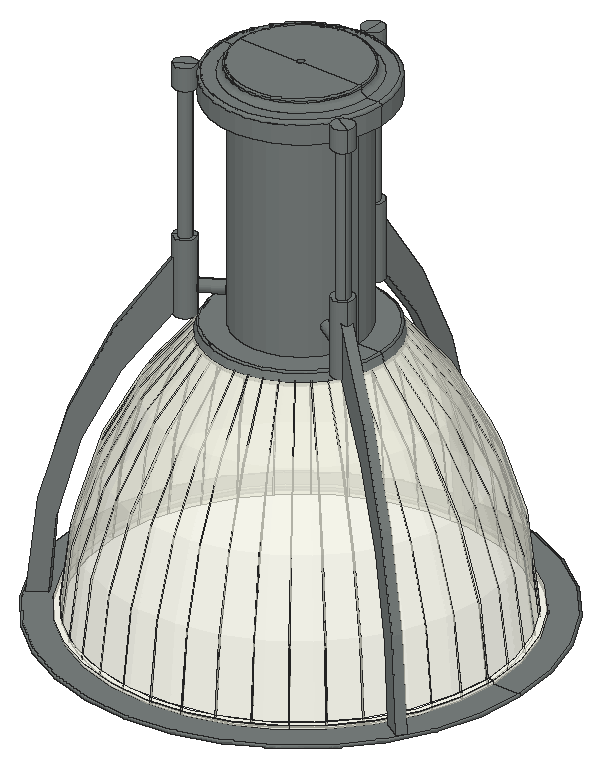
Revit family "CPA22", category Lighting Fixtures, Revit 2024
Family settings
  Round Connector Dimension = Use Diameter
  Part Type = Normal
  OmniClass Number = 23.80.70.00
  OmniClass Title = Lighting
  Work Plane-Based = No
  Always vertical = Yes
  Cut with Voids When Loaded = No
  Light Source = No
  Maintain Annotation Orientation = No
  Shared = No
  Room Calculation Point = No
Parameters
  Default Elevation = 0' - 0"
Reference planes (in)
  plane 1 "Light Source Axis (F/B)": y = 0
  plane 2: z = 0
  plane 3 "Light Source Axis (L/R)": x = 0
  plane 4 "Light Source Elevation": z = 54
Forms (in)
  Revolve 1, solid, material "74"
    sketch origin (0, 0, 0) x (1, 0, 0) y (0, 0, 1)
      loop
        line (0.18096, 82) -> (0.18096, 81.90625) -> (3.3602, 81.90625) -> (3.3602, 81.83553)
        arc (3.3602, 81.83553) -> (3.484, 81.53663) -> (3.78289, 81.41283) r 0.4227
        line (3.78289, 81.41283) -> (4.44079, 81.41283)
        arc (4.44079, 81.41283) -> (4.4908, 81.39211) -> (4.51151, 81.34211) r 0.07072
        line (4.51151, 81.34211) -> (4.51151, 80.44901) -> (3.19572, 80.44901) -> (3.19572, 68.70888) -> (4.51036, 68.70888) -> (4.6883, 68.16821) -> (4.78699, 68.16821) -> (4.60526, 68.72039)
        arc (4.60526, 68.72039) -> (4.58118, 68.77854) -> (4.52303, 68.80263) r 0.08224
        line (4.52303, 68.80263) -> (3.28947, 68.80263) -> (3.28947, 80.35526) -> (4.60526, 80.35526) -> (4.60526, 81.34211)
        arc (4.60526, 81.34211) -> (4.55709, 81.45841) -> (4.44079, 81.50658) r 0.16447
        line (4.44079, 81.50658) -> (3.78289, 81.50658)
        arc (3.78289, 81.50658) -> (3.55029, 81.60293) -> (3.45395, 81.83553) r 0.32895
        line (3.45395, 81.83553) -> (3.45395, 81.91776)
        arc (3.45395, 81.91776) -> (3.42986, 81.97591) -> (3.37171, 82) r 0.08224
        line (3.37171, 82) -> (0.18096, 82)
      loop
        arc (12.41776, 54) -> (12.5, 54.08224) -> (12.41776, 54.16447) r 0.08224
        line (12.41776, 54.16447) -> (11.01446, 54.16447) -> (11.01446, 54) -> (12.41776, 54)
      axis (0, 82) -> (0, 54)
    angle from 0 to 360
  Revolve 2, solid, material "GLASS SHADE"
    sketch origin (0, 0, 0.00093) x (1, 0, 0) y (0, 0, 1)
      loop
        line (4.73782, 68.3252) -> (4.60563, 68.3252)
        arc (4.60563, 68.3252) -> (9.0096, 61.75203) -> (10.59309, 54) r 20.47851
        line (10.59309, 54) -> (11.00138, 54) -> (11.00138, 54.32868) -> (10.6819, 54.32868)
        arc (10.6819, 54.32868) -> (9.05055, 61.89631) -> (4.73782, 68.3252) r 20.57226
      axis (0, 68.3252) -> (0, 54)
    angle from 0 to 360
  Sweep 3, solid, material "GLASS SHADE"
    path origin (-0.04687, 0, 0.00093) x (1, 0, 0) y (0, 0, 1)
      loop
        arc (-4.5864, 68.3252) -> (-8.91952, 61.72019) -> (-10.59309, 54) r 21.63816
    profile origin (-8.9664, 0, 61.72112) x (0.922209, 0, -0.386691) y (0, -1, 0)
      loop
        circle (0, 0) r 0.03125
  Sweep 4, solid, material "GLASS SHADE"
    path origin (-0.0463, 0.00733, 0.00093) x (0.987688, -0.156434, 0) y (0, 0, 1)
      loop
        arc (-4.5864, 68.3252) -> (-8.91952, 61.72019) -> (-10.59309, 54) r 21.63816
    profile origin (-8.85601, 1.40265, 61.72112) x (0.910855, -0.144265, -0.386691) y (-0.156434, -0.987688, 0)
      loop
        circle (0, 0) r 0.03125
  Sweep 5, solid, material "GLASS SHADE"
    path origin (-0.0463, -0.00733, 0.00093) x (0.987688, 0.156434, 0) y (0, 0, 1)
      loop
        arc (-4.5864, 68.3252) -> (-8.91952, 61.72019) -> (-10.59309, 54) r 21.63816
    profile origin (-8.85601, -1.40265, 61.72112) x (0.910855, 0.144265, -0.386691) y (0.156434, -0.987688, 0)
      loop
        circle (0, 0) r 0.03125
  Sweep 6, solid, material "GLASS SHADE"
    path origin (-0.04458, -0.01449, 0.00093) x (0.951057, 0.309017, 0) y (0, 0, 1)
      loop
        arc (-4.5864, 68.3252) -> (-8.91952, 61.72019) -> (-10.59309, 54) r 21.63816
    profile origin (-8.52755, -2.77077, 61.72112) x (0.877073, 0.284978, -0.386691) y (0.309017, -0.951057, 0)
      loop
        circle (0, 0) r 0.03125
  Sweep 7, solid, material "GLASS SHADE"
    path origin (-0.04177, -0.02128, 0.00093) x (0.891007, 0.45399, 0) y (0, 0, 1)
      loop
        arc (-4.5864, 68.3252) -> (-8.91952, 61.72019) -> (-10.59309, 54) r 21.63816
    profile origin (-7.98912, -4.07066, 61.72112) x (0.821695, 0.418674, -0.386691) y (0.45399, -0.891007, 0)
      loop
        circle (0, 0) r 0.03125
  Sweep 8, solid, material "GLASS SHADE"
    path origin (-0.03792, -0.02755, 0.00093) x (0.809017, 0.587785, 0) y (0, 0, 1)
      loop
        arc (-4.5864, 68.3252) -> (-8.91952, 61.72019) -> (-10.59309, 54) r 21.63816
    profile origin (-7.25397, -5.27032, 61.72112) x (0.746083, 0.542061, -0.386691) y (0.587785, -0.809017, 0)
      loop
        circle (0, 0) r 0.03125
  Sweep 9, solid, material "GLASS SHADE"
    path origin (-0.03315, -0.03315, 0.00093) x (0.707107, 0.707107, 0) y (0, 0, 1)
      loop
        arc (-4.5864, 68.3252) -> (-8.91952, 61.72019) -> (-10.59309, 54) r 21.63816
    profile origin (-6.3402, -6.3402, 61.72112) x (0.6521, 0.6521, -0.386691) y (0.707107, -0.707107, 0)
      loop
        circle (0, 0) r 0.03125
  Sweep 10, solid, material "GLASS SHADE"
    path origin (-0.02755, -0.03792, 0.00093) x (0.587785, 0.809017, 0) y (0, 0, 1)
      loop
        arc (-4.5864, 68.3252) -> (-8.91952, 61.72019) -> (-10.59309, 54) r 21.63816
    profile origin (-5.27032, -7.25397, 61.72112) x (0.542061, 0.746083, -0.386691) y (0.809017, -0.587785, 0)
      loop
        circle (0, 0) r 0.03125
  Sweep 11, solid, material "GLASS SHADE"
    path origin (-0.02128, -0.04177, 0.00093) x (0.45399, 0.891007, 0) y (0, 0, 1)
      loop
        arc (-4.5864, 68.3252) -> (-8.91952, 61.72019) -> (-10.59309, 54) r 21.63816
    profile origin (-4.07066, -7.98912, 61.72112) x (0.418674, 0.821695, -0.386691) y (0.891007, -0.45399, 0)
      loop
        circle (0, 0) r 0.03125
  Sweep 12, solid, material "GLASS SHADE"
    path origin (-0.01449, -0.04458, 0.00093) x (0.309017, 0.951057, 0) y (0, 0, 1)
      loop
        arc (-4.5864, 68.3252) -> (-8.91952, 61.72019) -> (-10.59309, 54) r 21.63816
    profile origin (-2.77077, -8.52755, 61.72112) x (0.284978, 0.877073, -0.386691) y (0.951057, -0.309017, 0)
      loop
        circle (0, 0) r 0.03125
  Sweep 13, solid, material "GLASS SHADE"
    path origin (-0.00733, -0.0463, 0.00093) x (0.156434, 0.987688, 0) y (0, 0, 1)
      loop
        arc (-4.5864, 68.3252) -> (-8.91952, 61.72019) -> (-10.59309, 54) r 21.63816
    profile origin (-1.40265, -8.85601, 61.72112) x (0.144265, 0.910855, -0.386691) y (0.987688, -0.156434, 0)
      loop
        circle (0, 0) r 0.03125
  Sweep 14, solid, material "GLASS SHADE"
    path origin (0, -0.04688, 0.00093) x (0, 1, 0) y (0, 0, 1)
      loop
        arc (-4.5864, 68.3252) -> (-8.91952, 61.72019) -> (-10.59309, 54) r 21.63816
    profile origin (0, -8.9664, 61.72112) x (0, 0.922209, -0.386691) y (1, 0, 0)
      loop
        circle (0, 0) r 0.03125
  Sweep 15, solid, material "GLASS SHADE"
    path origin (0.00733, -0.0463, 0.00093) x (-0.156434, 0.987688, 0) y (0, 0, 1)
      loop
        arc (-4.5864, 68.3252) -> (-8.91952, 61.72019) -> (-10.59309, 54) r 21.63816
    profile origin (1.40265, -8.85601, 61.72112) x (-0.144265, 0.910855, -0.386691) y (0.987688, 0.156434, 0)
      loop
        circle (0, 0) r 0.03125
  Sweep 16, solid, material "GLASS SHADE"
    path origin (0.01449, -0.04458, 0.00093) x (-0.309017, 0.951057, 0) y (0, 0, 1)
      loop
        arc (-4.5864, 68.3252) -> (-8.91952, 61.72019) -> (-10.59309, 54) r 21.63816
    profile origin (2.77077, -8.52755, 61.72112) x (-0.284978, 0.877073, -0.386691) y (0.951057, 0.309017, 0)
      loop
        circle (0, 0) r 0.03125
  Sweep 17, solid, material "GLASS SHADE"
    path origin (0.02128, -0.04177, 0.00093) x (-0.45399, 0.891007, 0) y (0, 0, 1)
      loop
        arc (-4.5864, 68.3252) -> (-8.91952, 61.72019) -> (-10.59309, 54) r 21.63816
    profile origin (4.07066, -7.98912, 61.72112) x (-0.418674, 0.821695, -0.386691) y (0.891007, 0.45399, 0)
      loop
        circle (0, 0) r 0.03125
  Sweep 18, solid, material "GLASS SHADE"
    path origin (0.02755, -0.03792, 0.00093) x (-0.587785, 0.809017, 0) y (0, 0, 1)
      loop
        arc (-4.5864, 68.3252) -> (-8.91952, 61.72019) -> (-10.59309, 54) r 21.63816
    profile origin (5.27032, -7.25397, 61.72112) x (-0.542061, 0.746083, -0.386691) y (0.809017, 0.587785, 0)
      loop
        circle (0, 0) r 0.03125
  Sweep 19, solid, material "GLASS SHADE"
    path origin (0.03315, -0.03315, 0.00093) x (-0.707107, 0.707107, 0) y (0, 0, 1)
      loop
        arc (-4.5864, 68.3252) -> (-8.91952, 61.72019) -> (-10.59309, 54) r 21.63816
    profile origin (6.3402, -6.3402, 61.72112) x (-0.6521, 0.6521, -0.386691) y (0.707107, 0.707107, 0)
      loop
        circle (0, 0) r 0.03125
  Sweep 20, solid, material "GLASS SHADE"
    path origin (0.03792, -0.02755, 0.00093) x (-0.809017, 0.587785, 0) y (0, 0, 1)
      loop
        arc (-4.5864, 68.3252) -> (-8.91952, 61.72019) -> (-10.59309, 54) r 21.63816
    profile origin (7.25397, -5.27032, 61.72112) x (-0.746083, 0.542061, -0.386691) y (0.587785, 0.809017, 0)
      loop
        circle (0, 0) r 0.03125
  Sweep 21, solid, material "GLASS SHADE"
    path origin (0.04177, -0.02128, 0.00093) x (-0.891007, 0.45399, 0) y (0, 0, 1)
      loop
        arc (-4.5864, 68.3252) -> (-8.91952, 61.72019) -> (-10.59309, 54) r 21.63816
    profile origin (7.98912, -4.07066, 61.72112) x (-0.821695, 0.418674, -0.386691) y (0.45399, 0.891007, 0)
      loop
        circle (0, 0) r 0.03125
  Sweep 22, solid, material "GLASS SHADE"
    path origin (0.04458, -0.01449, 0.00093) x (-0.951057, 0.309017, 0) y (0, 0, 1)
      loop
        arc (-4.5864, 68.3252) -> (-8.91952, 61.72019) -> (-10.59309, 54) r 21.63816
    profile origin (8.52755, -2.77077, 61.72112) x (-0.877073, 0.284978, -0.386691) y (0.309017, 0.951057, 0)
      loop
        circle (0, 0) r 0.03125
  Sweep 23, solid, material "GLASS SHADE"
    path origin (0.0463, -0.00733, 0.00093) x (-0.987688, 0.156434, 0) y (0, 0, 1)
      loop
        arc (-4.5864, 68.3252) -> (-8.91952, 61.72019) -> (-10.59309, 54) r 21.63816
    profile origin (8.85601, -1.40265, 61.72112) x (-0.910855, 0.144265, -0.386691) y (0.156434, 0.987688, 0)
      loop
        circle (0, 0) r 0.03125
  Sweep 24, solid, material "GLASS SHADE"
    path origin (0.04688, 0, 0.00093) x (-1, 0, 0) y (0, 0, 1)
      loop
        arc (-4.5864, 68.3252) -> (-8.91952, 61.72019) -> (-10.59309, 54) r 21.63816
    profile origin (8.9664, 0, 61.72112) x (-0.922209, 0, -0.386691) y (0, 1, 0)
      loop
        circle (0, 0) r 0.03125
  Sweep 25, solid, material "GLASS SHADE"
    path origin (0.0463, 0.00733, 0.00093) x (-0.987688, -0.156434, 0) y (0, 0, 1)
      loop
        arc (-4.5864, 68.3252) -> (-8.91952, 61.72019) -> (-10.59309, 54) r 21.63816
    profile origin (8.85601, 1.40265, 61.72112) x (-0.910855, -0.144265, -0.386691) y (-0.156434, 0.987688, 0)
      loop
        circle (0, 0) r 0.03125
  Sweep 26, solid, material "GLASS SHADE"
    path origin (0.04458, 0.01449, 0.00093) x (-0.951057, -0.309017, 0) y (0, 0, 1)
      loop
        arc (-4.5864, 68.3252) -> (-8.91952, 61.72019) -> (-10.59309, 54) r 21.63816
    profile origin (8.52755, 2.77077, 61.72112) x (-0.877073, -0.284978, -0.386691) y (-0.309017, 0.951057, 0)
      loop
        circle (0, 0) r 0.03125
  Sweep 27, solid, material "GLASS SHADE"
    path origin (0.04177, 0.02128, 0.00093) x (-0.891007, -0.45399, 0) y (0, 0, 1)
      loop
        arc (-4.5864, 68.3252) -> (-8.91952, 61.72019) -> (-10.59309, 54) r 21.63816
    profile origin (7.98912, 4.07066, 61.72112) x (-0.821695, -0.418674, -0.386691) y (-0.45399, 0.891007, 0)
      loop
        circle (0, 0) r 0.03125
  Sweep 28, solid, material "GLASS SHADE"
    path origin (0.03792, 0.02755, 0.00093) x (-0.809017, -0.587785, 0) y (0, 0, 1)
      loop
        arc (-4.5864, 68.3252) -> (-8.91952, 61.72019) -> (-10.59309, 54) r 21.63816
    profile origin (7.25397, 5.27032, 61.72112) x (-0.746083, -0.542061, -0.386691) y (-0.587785, 0.809017, 0)
      loop
        circle (0, 0) r 0.03125
  Sweep 29, solid, material "GLASS SHADE"
    path origin (0.03315, 0.03315, 0.00093) x (-0.707107, -0.707107, 0) y (0, 0, 1)
      loop
        arc (-4.5864, 68.3252) -> (-8.91952, 61.72019) -> (-10.59309, 54) r 21.63816
    profile origin (6.3402, 6.3402, 61.72112) x (-0.6521, -0.6521, -0.386691) y (-0.707107, 0.707107, 0)
      loop
        circle (0, 0) r 0.03125
  Sweep 30, solid, material "GLASS SHADE"
    path origin (0.02755, 0.03792, 0.00093) x (-0.587785, -0.809017, 0) y (0, 0, 1)
      loop
        arc (-4.5864, 68.3252) -> (-8.91952, 61.72019) -> (-10.59309, 54) r 21.63816
    profile origin (5.27032, 7.25397, 61.72112) x (-0.542061, -0.746083, -0.386691) y (-0.809017, 0.587785, 0)
      loop
        circle (0, 0) r 0.03125
  Sweep 31, solid, material "GLASS SHADE"
    path origin (0.02128, 0.04177, 0.00093) x (-0.45399, -0.891007, 0) y (0, 0, 1)
      loop
        arc (-4.5864, 68.3252) -> (-8.91952, 61.72019) -> (-10.59309, 54) r 21.63816
    profile origin (4.07066, 7.98912, 61.72112) x (-0.418674, -0.821695, -0.386691) y (-0.891007, 0.45399, 0)
      loop
        circle (0, 0) r 0.03125
  Sweep 32, solid, material "GLASS SHADE"
    path origin (0.01449, 0.04458, 0.00093) x (-0.309017, -0.951057, 0) y (0, 0, 1)
      loop
        arc (-4.5864, 68.3252) -> (-8.91952, 61.72019) -> (-10.59309, 54) r 21.63816
    profile origin (2.77077, 8.52755, 61.72112) x (-0.284978, -0.877073, -0.386691) y (-0.951057, 0.309017, 0)
      loop
        circle (0, 0) r 0.03125
  Sweep 33, solid, material "GLASS SHADE"
    path origin (0.00733, 0.0463, 0.00093) x (-0.156434, -0.987688, 0) y (0, 0, 1)
      loop
        arc (-4.5864, 68.3252) -> (-8.91952, 61.72019) -> (-10.59309, 54) r 21.63816
    profile origin (1.40265, 8.85601, 61.72112) x (-0.144265, -0.910855, -0.386691) y (-0.987688, 0.156434, 0)
      loop
        circle (0, 0) r 0.03125
  Sweep 34, solid, material "GLASS SHADE"
    path origin (0, 0.04688, 0.00093) x (0, -1, 0) y (0, 0, 1)
      loop
        arc (-4.5864, 68.3252) -> (-8.91952, 61.72019) -> (-10.59309, 54) r 21.63816
    profile origin (0, 8.9664, 61.72112) x (0, -0.922209, -0.386691) y (-1, 0, 0)
      loop
        circle (0, 0) r 0.03125
  Sweep 35, solid, material "GLASS SHADE"
    path origin (-0.00733, 0.0463, 0.00093) x (0.156434, -0.987688, 0) y (0, 0, 1)
      loop
        arc (-4.5864, 68.3252) -> (-8.91952, 61.72019) -> (-10.59309, 54) r 21.63816
    profile origin (-1.40265, 8.85601, 61.72112) x (0.144265, -0.910855, -0.386691) y (-0.987688, -0.156434, 0)
      loop
        circle (0, 0) r 0.03125
  Sweep 36, solid, material "GLASS SHADE"
    path origin (-0.01449, 0.04458, 0.00093) x (0.309017, -0.951057, 0) y (0, 0, 1)
      loop
        arc (-4.5864, 68.3252) -> (-8.91952, 61.72019) -> (-10.59309, 54) r 21.63816
    profile origin (-2.77077, 8.52755, 61.72112) x (0.284978, -0.877073, -0.386691) y (-0.951057, -0.309017, 0)
      loop
        circle (0, 0) r 0.03125
  Sweep 37, solid, material "GLASS SHADE"
    path origin (-0.02128, 0.04177, 0.00093) x (0.45399, -0.891007, 0) y (0, 0, 1)
      loop
        arc (-4.5864, 68.3252) -> (-8.91952, 61.72019) -> (-10.59309, 54) r 21.63816
    profile origin (-4.07066, 7.98912, 61.72112) x (0.418674, -0.821695, -0.386691) y (-0.891007, -0.45399, 0)
      loop
        circle (0, 0) r 0.03125
  Sweep 38, solid, material "GLASS SHADE"
    path origin (-0.02755, 0.03792, 0.00093) x (0.587785, -0.809017, 0) y (0, 0, 1)
      loop
        arc (-4.5864, 68.3252) -> (-8.91952, 61.72019) -> (-10.59309, 54) r 21.63816
    profile origin (-5.27032, 7.25397, 61.72112) x (0.542061, -0.746083, -0.386691) y (-0.809017, -0.587785, 0)
      loop
        circle (0, 0) r 0.03125
  Sweep 39, solid, material "GLASS SHADE"
    path origin (-0.03315, 0.03315, 0.00093) x (0.707107, -0.707107, 0) y (0, 0, 1)
      loop
        arc (-4.5864, 68.3252) -> (-8.91952, 61.72019) -> (-10.59309, 54) r 21.63816
    profile origin (-6.3402, 6.3402, 61.72112) x (0.6521, -0.6521, -0.386691) y (-0.707107, -0.707107, 0)
      loop
        circle (0, 0) r 0.03125
  Sweep 40, solid, material "GLASS SHADE"
    path origin (-0.03792, 0.02755, 0.00093) x (0.809017, -0.587785, 0) y (0, 0, 1)
      loop
        arc (-4.5864, 68.3252) -> (-8.91952, 61.72019) -> (-10.59309, 54) r 21.63816
    profile origin (-7.25397, 5.27032, 61.72112) x (0.746083, -0.542061, -0.386691) y (-0.587785, -0.809017, 0)
      loop
        circle (0, 0) r 0.03125
  Sweep 41, solid, material "GLASS SHADE"
    path origin (-0.04177, 0.02128, 0.00093) x (0.891007, -0.45399, 0) y (0, 0, 1)
      loop
        arc (-4.5864, 68.3252) -> (-8.91952, 61.72019) -> (-10.59309, 54) r 21.63816
    profile origin (-7.98912, 4.07066, 61.72112) x (0.821695, -0.418674, -0.386691) y (-0.45399, -0.891007, 0)
      loop
        circle (0, 0) r 0.03125
  Sweep 42, solid, material "GLASS SHADE"
    path origin (-0.04458, 0.01449, 0.00093) x (0.951057, -0.309017, 0) y (0, 0, 1)
      loop
        arc (-4.5864, 68.3252) -> (-8.91952, 61.72019) -> (-10.59309, 54) r 21.63816
    profile origin (-8.52755, 2.77077, 61.72112) x (0.877073, -0.284978, -0.386691) y (-0.309017, -0.951057, 0)
      loop
        circle (0, 0) r 0.03125
  Sweep 43, solid, material "GLASS SHADE", not visible
    path origin (75.968, 0, 0.00093) x (1, 0, 0) y (0, 0, 1)
      loop
        arc (-4.5864, 68.3252) -> (-8.91952, 61.72019) -> (-10.59309, 54) r 21.63816
    profile origin (67.04848, 0, 61.72112) x (0.922209, 0, -0.386691) y (0, -1, 0)
      loop
        circle (0, 0) r 0.03125
  Revolve 44, solid, material "74"
    sketch origin (0, 0, 0) x (0.866025, 0.5, 0) y (0, 0, 1)
      loop
        line (-5.18092, 81.50658) -> (-5.75658, 81.50658) -> (-5.75658, 80.35526) -> (-5.50987, 80.35526) -> (-5.50987, 72.75) -> (-5.75658, 72.75) -> (-5.75658, 68.80263) -> (-5.18092, 68.80263) -> (-5.18092, 81.50658)
      axis (-5.18092, 68.80263) -> (-5.18092, 81.50658)
    angle from 0 to 360
  Revolve 45, solid, material "74"
    sketch origin (0, 0, 0) x (0.866025, 0.5, 0) y (0, 0, 1)
      loop
        line (-4.60526, 70.61184) -> (-4.60526, 70.28289) -> (-3.28947, 70.28289) -> (-3.28947, 70.61184) -> (-4.60526, 70.61184)
      axis (-3.28947, 70.28289) -> (-4.60526, 70.28289)
    angle from 0 to 360
  Extrusion 46, solid, material "74"
    sketch origin (0, 0, 0) x (0.866025, 0.5, 0) y (0, 0, 1)
      loop
        arc (-5.6244, 71.75969) -> (-10.41986, 63.515) -> (-12.30108, 54.16447) r 29.18549
        line (-12.30108, 54.16447) -> (-11.266, 54.16447)
        arc (-11.266, 54.16447) -> (-9.82759, 62.0849) -> (-5.6244, 68.95043) r 21.89862
        line (-5.6244, 68.95043) -> (-5.6244, 71.75969)
    from -0.25 to 0.25
  Revolve 47, solid, material "74"
    sketch origin (0, 0, 0) x (0, -1, 0) y (0, 0, 1)
      loop
        line (-5.18092, 81.50658) -> (-5.75658, 81.50658) -> (-5.75658, 80.35526) -> (-5.50987, 80.35526) -> (-5.50987, 72.75) -> (-5.75658, 72.75) -> (-5.75658, 68.80263) -> (-5.18092, 68.80263) -> (-5.18092, 81.50658)
      axis (-5.18092, 68.80263) -> (-5.18092, 81.50658)
    angle from 0 to 360
  Revolve 48, solid, material "74"
    sketch origin (0, 0, 0) x (0, -1, 0) y (0, 0, 1)
      loop
        line (-4.60526, 70.61184) -> (-4.60526, 70.28289) -> (-3.28947, 70.28289) -> (-3.28947, 70.61184) -> (-4.60526, 70.61184)
      axis (-3.28947, 70.28289) -> (-4.60526, 70.28289)
    angle from 0 to 360
  Extrusion 49, solid, material "74"
    sketch origin (0, 0, 0) x (0, -1, 0) y (0, 0, 1)
      loop
        arc (-5.6244, 71.75969) -> (-10.41986, 63.515) -> (-12.30108, 54.16447) r 29.18549
        line (-12.30108, 54.16447) -> (-11.266, 54.16447)
        arc (-11.266, 54.16447) -> (-9.82759, 62.0849) -> (-5.6244, 68.95043) r 21.89862
        line (-5.6244, 68.95043) -> (-5.6244, 71.75969)
    from -0.25 to 0.25
  Revolve 50, solid, material "74"
    sketch origin (0, 0, 0) x (-0.866025, 0.5, 0) y (0, 0, 1)
      loop
        line (-5.18092, 81.50658) -> (-5.75658, 81.50658) -> (-5.75658, 80.35526) -> (-5.50987, 80.35526) -> (-5.50987, 72.75) -> (-5.75658, 72.75) -> (-5.75658, 68.80263) -> (-5.18092, 68.80263) -> (-5.18092, 81.50658)
      axis (-5.18092, 68.80263) -> (-5.18092, 81.50658)
    angle from 0 to 360
  Revolve 51, solid, material "74"
    sketch origin (0, 0, 0) x (-0.866025, 0.5, 0) y (0, 0, 1)
      loop
        line (-4.60526, 70.61184) -> (-4.60526, 70.28289) -> (-3.28947, 70.28289) -> (-3.28947, 70.61184) -> (-4.60526, 70.61184)
      axis (-3.28947, 70.28289) -> (-4.60526, 70.28289)
    angle from 0 to 360
  Extrusion 52, solid, material "74"
    sketch origin (0, 0, 0) x (-0.866025, 0.5, 0) y (0, 0, 1)
      loop
        arc (-5.6244, 71.75969) -> (-10.41986, 63.515) -> (-12.30108, 54.16447) r 29.18549
        line (-12.30108, 54.16447) -> (-11.266, 54.16447)
        arc (-11.266, 54.16447) -> (-9.82759, 62.0849) -> (-5.6244, 68.95043) r 21.89862
        line (-5.6244, 68.95043) -> (-5.6244, 71.75969)
    from -0.25 to 0.25
Dimensions and locks (in)
  aligned and locked: level to plane 2
